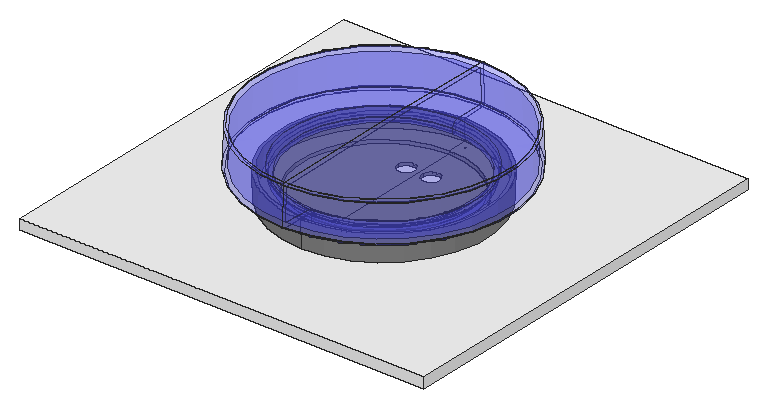
Revit family "BE_24025_de_DE", category Leuchten, Revit 2015
Parameters (values of type "BEGA_24025_Grafit_K3")
  built-in parameter 1150104 = 13.8 (stored number, unit not read)
  Wattage = 149.4 W
  Default Elevation = 0 mm
  built-in parameter 1150113 = 1 (stored number, unit not read)
  built-in parameter 1114218 = 1 (stored number, unit not read)
  Umgebungstemperatur = "25 °C"
  URL = "http://www.bega.de/produkt/24025"
  Typenkommentare = "© 2017 BEGA. Wir behalten uns das Recht vor, technische Änderungen ohne vorherige Ankündigung vorzunehmen."  # constant formula
  Type Image = 24025.png
  built-in parameter 1150134 = (empty or 0)
  built-in parameter 1150109 = 1 (stored number, unit not read)
  Strom = ""
  built-in parameter 1150110 = 1 (stored number, unit not read)
  Spannung = 239.996 V
  Sonderanfertigung = no
  Seriennummer [instance] = "Hier können Sie die eindeutige Seriennummer für das Facility Management eintragen."
  Schutzklasse = "I"
  Schutzart = "IP 65"
  Scheinlast = 0 VA
  Produktdatenblatt = "http://www.bega.de/download/Xrfa/db/24025.db.de.pdf"
  Oberflächentemperatur = ""
  Neigungswinkel = 0.00°
  Modell = "24025"
  Material_17 = BEGA_Reflektor
  Material_15 = BEGA_Leuchtmedium_matt
  Material_11 = BEGA_Glas_opal
  Material_09 = BEGA_Glas_klar
  Material_06 = BEGA_Oberfläche_Edelstahl_gebürstet
  Material_05 = BEGA_Oberfläche_Aluminium Guss
  Material_03 = BEGA_Oberfläche_Weiss_matt
  Material_02 = BEGA_Oberfläche_Silber_matt
  Material_01 [instance] = BEGA_Oberfläche_Grafit_matt
  M_W = no
  M_G = yes
  M_A = no
  Logo = 0
  built-in parameter 1114217 = 1 (stored number, unit not read)
  built-in parameter 1150139 = (empty or 0)
  built-in parameter 1150105 = 1766 (stored number, unit not read)
  built-in parameter 1150114 = 1 (stored number, unit not read)
  Lumens = 22192.2 lm
  built-in parameter 1150115 = 1 (stored number, unit not read)
  Leuchtenlichtstrom = "1026 lm"
  Leuchtenanzahl = ""
  Lebensdauerkriterien = "L70B50 @ 25 °C =  h"
  Lastklassifizierung = Beleuchtung
  built-in parameter 1150112 = 1 (stored number, unit not read)
  Lampenlichtstrom = "1180 lm"
  Lampe = "LED 7.9 W"
  LED_Modulbezeichnung = "LED-0855/830 "
  Hersteller = "BEGA"  # constant formula
  Halbstreuwinkel = ""
  Gewicht = ""
  Gebrauchslageneinschränkung [instance] = ""
  Frequenz = "0/50-60 Hz"
  Farbwiedergabeindex = "Ra > 80"
  Farbtemperaturverschiebung bei Dämpfen der Lampe = <Keine Auswahl>
  Farbtemperatur = "3000 K"
  Color Filter = 16777215
  built-in parameter 1150133 = 10 (stored number, unit not read)
  Energieeffizienzklasse = "LED A++ - A"
  built-in parameter 1150137 = (empty or 0)
  built-in parameter 1150132 = (empty or 0)
  ENEC = ""
  Dimmbar [instance] = ""
  Datei für fotometrisches Netz = "BE_24025_PRE.IES"
  CE_Konformität = "ja"
  Bestellnummer = "24025"
  Beschreibung_Sonderanfertigung = "Hier können Sie Informationen zur Sonderanfertigung eintragen."
  Beschreibung = "Decken- und Wandleuchte"
  built-in parameter 1150106 = 17.66 (stored number, unit not read)
  Befestigungsbohrung = "Ø 5,5 mm"
  Befestigungsabstand = "190 mm"
  Ballwurfsicher = ""
  BEGA_Intern_aus = yes
  BEGA_Intern_an = yes
  BEGA_Intern_Konstruktion = yes
  BEGA_Intern = yes
  BEGA_IES = yes
  BEGA_Dummy = no
  Anschlussleitung = ""
  Anschlussleistung [instance] = "10 W"
  Anschlusskasten = ""
  built-in parameter 1150107 = 3000 (stored number, unit not read)
  built-in parameter 1150102 = (empty or 0)
  built-in parameter 1150138 = (empty or 0)
  Aktualisierung = "2017-07-04T04:09:06"
  Abstand_zur_angestrahlten_Fläche [instance] = ""
  AC/DC = "AC/DC"
Types (2, lengths in mm): name | built-in parameter 1150104 | Wattage | built-in parameter 1150134 | Modell | built-in parameter 1150105 | Lumens | LED_Modulbezeichnung | Farbtemperatur | Datei für fotometrisches Netz | Bestellnummer | built-in parameter 1150106 | built-in parameter 1150107
  BEGA_24025_Grafit_K4 | 13.88 (stored number, unit not read) | 7.9 W | 12 | "24025K4" | 93.922 (stored number, unit not read) | 1180.26 lm | "LED-0855/840 " | "4000 K" | "BE_24025K4_PRE.IES" | "24025K4" | 0.93922 (stored number, unit not read) | 4000 (stored number, unit not read)
  BEGA_24025_Grafit_K3 | 13.8 (stored number, unit not read) | 149.4 W | (empty or 0) | "24025" | 1766 (stored number, unit not read) | 22192.2 lm | "LED-0855/830 " | "3000 K" | "BE_24025_PRE.IES" | "24025" | 17.66 (stored number, unit not read) | 3000 (stored number, unit not read)
Reference planes
  plane 1 "Mitte (Vorne/Hinten)": y = 0
  plane 2: z = 0
  plane 3 "Mitte (Links/Rechts)": x = 0
  plane 4 "Links": x = -124.939
  plane 5 "Rechts": x = 125
  plane 6 "Unten": y = -124.948
  plane 7 "Oben": y = 124.948
  plane 8 "Vorne": z = 68.93
  plane 9 "Hinten": z = 0
Forms (mm)
  Extrusion 1, solid, material "BEGA_Platte_Weiss"
    sketch origin (0, -1119.2, 0) x (1, 0, 0) y (0, 1, 0)
      loop
        line (-200, 1319.2) -> (-200, 919.2) -> (200, 919.2) -> (200, 1319.2) -> (-200, 1319.2)
    from 0 to -10
  Extrusion 2, solid, material "BEGA_Dummy_matt", visible <- "BEGA_Dummy"
    sketch origin (77.149, -76.023, 0) x (1, 0, 0) y (0, 1, 0)
      loop
        circle (-77.149, 76.023) r 125
    from 0 to 68.93
Dimensions and locks
  plane 1 "Mitte (Vorne/Hinten)" to Extrusion 1 = 200 mm
  aligned and locked: plane 2 to Extrusion 1
  aligned and locked: level to Extrusion 1
Nested families
  nested 1: "BE_24025" at (0, 0, 0), type "BE_24025"
Connectors
  electrical at (0, 0, 0), driven by "Lastklassifizierung", driven by "Spannung", driven by "Scheinlast"
    settings: index 1, voltage 239.996 V, apparent load 0 VA, apparent load phase1 0 VA, apparent load phase2 0 VA, apparent load phase3 0 VA, power factor 1, load classification "Beleuchtung", number of poles 1, system type 31, power factor state 1, is connector primary yes, connector utility no, sub classification motor no, connector description ""
Definition of nested family "BE_24025"
  Parameters (values of type "BE_24025")
    Default Elevation = 1 mm
    URL = "http://www.bega.de/de/produkt"
    Type Comments = "© 2015 BEGA. Wir behalten uns das Recht vor, technische Änderungen ohne vorherige Ankündigung vorzunehmen. "  # constant formula
    Type Image = (empty or 0)
    Neigungswinkel_um_Z2 = 0.00°
    Neigungswinkel_um_Z1 = 0.00°
    Neigungswinkel_um_Y2 = 0.00°
    Neigungswinkel_um_Y1 = 0.00°
    Neigungswinkel_um_X2 = 0.00°
    Neigungswinkel_um_X1 = 0.00°
    Material_17 = none
    Material_15 = none
    Material_11 = none
    Material_09 = none
    Material_06 = none
    Material_05 = none
    Material_03 = none
    Material_02 = none
    Material_01 = none
    M_W = yes
    M_G = yes
    M_A = yes
    Länge_Platte = 300 mm  # constant formula
    Höhe_Platte = -10 mm  # constant formula
    Manufacturer = "BEGA"  # constant formula
    Drehwinkel_um_Z2 = 0.00°
    Drehwinkel_um_Z1 = 0.00°
    Breite_Platte = 300 mm  # constant formula
  Reference planes
    plane 1 "Mitte (Oben/Unten)": y = 0
    plane 2: z = 0
    plane 3 "Mitte (Links/Rechts)": x = 0
    plane 4: y = -124.948
    plane 5: z = 68.93
    plane 6: y = 124.948
    plane 7: x = -124.939
    plane 8: x = 124.939
  Forms (mm)
    Extrusion 1, solid, detail levels medium
      sketch origin (0, 0, 0) x (1, 0, 0) y (0, 1, 0)
        loop
          line (-150, 150) -> (-150, -150) -> (150, -150) -> (150, 150) -> (-150, 150)
      from 0 to -10 <- "Höhe_Platte"
    Revolve 2, solid, material <- "Material_01", detail levels medium+fine
      sketch origin (0, 0, 0) x (0, 1, 0) y (0, 0, 1)
        loop
          line (-102, 26) -> (-101.555, 0.5) -> (-100.69, 0.5)
          arc (-100.69, 0.5) -> (-99.99, 0.786) -> (-99.691, 1.481) r 1
          line (-99.691, 1.481) -> (-99.691, 5.5) -> (-84.101, 5.5)
          arc (-84.101, 5.5) -> (-83.406, 5.219) -> (-83.101, 4.535) r 1
          line (-83.101, 4.535) -> (-82.995, 1.5) -> (0, 1.5) -> (0, 4) -> (-80.581, 4) -> (-80.691, 7.153) -> (-99.592, 7.153) -> (-99.263, 26) -> (-102, 26)
        axis (0, 26) -> (0, 0.5)
      angle from 0 to 360
    Revolve 3, solid, material <- "Material_01", detail levels medium+fine
      sketch origin (93.513, 0, 0) x (0, 1, 0) y (0, 0, 1)
        loop
          arc (-6.9, 0.5) -> (-6.534, 0.134) -> (-6.034, 0) r 1
          line (-6.034, 0) -> (-2.5, 0) -> (-2.5, 5.5) -> (-7.782, 5.5) -> (-6.9, 0.5)
        axis (0, 0) -> (0, 5.5)
      angle from 0 to 360
    Extrusion 4, void
      sketch origin (0, 0, 0) x (1, 0, 0) y (0, 1, 0)
        loop
          circle (-12.328, 43.225) r 8.5
        loop
          circle (12.328, 43.225) r 8.5
      from 0 to 10
    Revolve 5, solid, material <- "Material_11", detail levels medium+fine
      sketch origin (0, 0, 0) x (0, 1, 0) y (0, 0, 1)
        loop
          line (-124.004, 65.482) -> (-124.948, 29.43)
          arc (-124.948, 29.43) -> (-124.399, 28) -> (-122.999, 27.377) r 2
          line (-122.999, 27.377) -> (-91.449, 26.551)
          arc (-91.449, 26.551) -> (-90.038, 25.917) -> (-89.502, 24.465) r 2
          line (-89.502, 24.465) -> (-89.5, 19) -> (-85.501, 19) -> (-85.501, 24.555)
          arc (-85.501, 24.555) -> (-87.204, 28.743) -> (-91.348, 30.552) r 5.999
          line (-91.348, 30.552) -> (-120.897, 31.324) -> (-120.055, 63.477)
          arc (-120.055, 63.477) -> (-60.032, 64.566) -> (0, 64.93) r 4960.447
          line (0, 64.93) -> (0, 68.93)
          arc (0, 68.93) -> (-61.031, 68.554) -> (-122.053, 67.429) r 4964.448
          arc (-122.053, 67.429) -> (-123.417, 66.845) -> (-124.004, 65.482) r 2
        axis (0, 19) -> (0, 68.93)
      angle from 0 to 360
    Revolve 6, solid, material <- "Material_01", detail levels medium+fine
      sketch origin (-93.513, 0, 0) x (0, 1, 0) y (0, 0, -1)
        loop
          line (-6.9, -0.5) -> (-7.782, -5.5) -> (-2.5, -5.5) -> (-2.5, 0) -> (-6.034, 0)
          arc (-6.034, 0) -> (-6.534, -0.134) -> (-6.9, -0.5) r 1
        axis (0, 0) -> (0, -5.5)
      angle from 0 to 360
  Cuts and joins
    Extrusion 4 cuts Revolve 2
    Extrusion 4 cuts Revolve 3
    joined: Revolve 2, Revolve 3, Revolve 6
  Dimensions and locks
    equal spacing: Extrusion 1 sketch curve, plane 3 "Mitte (Links/Rechts)", Extrusion 1 sketch curve
    equal spacing: Extrusion 1 sketch curve, plane 1 "Mitte (Oben/Unten)", Extrusion 1 sketch curve
    "Länge_Platte": Extrusion 1 sketch curve to Extrusion 1 sketch curve
    "Breite_Platte": Extrusion 1 sketch curve to Extrusion 1 sketch curve
    aligned and locked: plane 2 to Extrusion 1
    aligned and locked: level to Extrusion 1
  Automatic sketch dimensions
    Revolve 2 sketch curve to plane 1 "Mitte (Oben/Unten)" = 0 mm  (x2)
    level to Revolve 2 sketch curve = 4 mm
    Revolve 2 sketch curve to plane 4 = 44.367 mm
    level to Revolve 2 sketch curve = 7.153 mm
    Revolve 2 sketch curve to Revolve 2 sketch curve = 0.11 mm
    level to Revolve 2 sketch curve = 1.5 mm
    Revolve 2 sketch curve to Revolve 2 sketch curve = 2.414 mm
    Revolve 2 sketch curve to Revolve 2 sketch curve = 1.106 mm
    Revolve 2 sketch curve to Revolve 2 sketch curve = 15.162 mm
    Revolve 2 sketch curve to Revolve 2 sketch curve = 15.491 mm
    Revolve 2 sketch curve to Revolve 2 sketch curve = 0.099 mm
    Revolve 2 sketch curve to Revolve 2 sketch curve = 1 mm
    level to Revolve 2 sketch curve = 0.5 mm
    Revolve 2 sketch curve to Revolve 2 sketch curve = 0.865 mm
    Revolve 2 sketch curve to Revolve 2 sketch curve = 2.737 mm
    Revolve 2 sketch curve to Revolve 2 sketch curve = 0.981 mm
    Revolve 2 sketch curve to Revolve 2 sketch curve = 3 mm
    Revolve 2 sketch curve to Revolve 2 sketch curve = 1.653 mm
    Revolve 2 sketch curve to Revolve 2 sketch curve = 18.847 mm
    level to Revolve 2 sketch curve = 4.535 mm
    Revolve 2 sketch curve to Revolve 2 sketch curve = 0.999 mm
    Revolve 2 sketch curve to Revolve 2 sketch curve = 0 mm  (x2)
    Revolve 2 sketch curve to level = 6.93 mm
    Revolve 3 sketch curve to level = 0 mm  (x2)
    Revolve 3 sketch curve to plane 1 "Mitte (Oben/Unten)" = 0 mm
    plane 1 "Mitte (Oben/Unten)" to Revolve 3 sketch curve = 2.5 mm
    level to Revolve 3 sketch curve = 1 mm
    Revolve 3 sketch curve to Revolve 3 sketch curve = 3.534 mm
    level to Revolve 3 sketch curve = 0.5 mm
    Revolve 3 sketch curve to Revolve 3 sketch curve = 1.748 mm
    Revolve 3 sketch curve to Revolve 3 sketch curve = 4.5 mm
    Revolve 3 sketch curve to Revolve 3 sketch curve = 3.016 mm
    Extrusion 4 sketch curve to plane 3 "Mitte (Links/Rechts)" = 12.328 mm
    plane 3 "Mitte (Links/Rechts)" to Extrusion 4 sketch curve = 12.328 mm
    Extrusion 4 sketch curve to plane 1 "Mitte (Oben/Unten)" = 43.225 mm
    Extrusion 4 sketch curve to Extrusion 4 sketch curve = 0 mm
    Revolve 5 sketch curve to plane 1 "Mitte (Oben/Unten)" = 0 mm  (x3)
    plane 5 to Revolve 5 sketch curve = 0 mm
    plane 1 "Mitte (Oben/Unten)" to Revolve 5 sketch curve = 0 mm
    Revolve 5 sketch curve to plane 4 = 39.447 mm
    Revolve 5 sketch curve to Revolve 5 sketch curve = 3.999 mm
    Revolve 5 sketch curve to Revolve 5 sketch curve = 4.001 mm
    Revolve 5 sketch curve to Revolve 5 sketch curve = 1.846 mm
    Revolve 5 sketch curve to Revolve 5 sketch curve = 1.947 mm
    Revolve 5 sketch curve to Revolve 5 sketch curve = 0.05 mm
    Revolve 5 sketch curve to Revolve 5 sketch curve = 0 mm  (x6)
    Revolve 5 sketch curve to plane 4 = 4.893 mm
    Revolve 5 sketch curve to plane 4 = 4.051 mm
    Revolve 5 sketch curve to Revolve 5 sketch curve = 1.95 mm
    Revolve 5 sketch curve to plane 4 = 1.999 mm
    Revolve 5 sketch curve to plane 4 = 1.949 mm
    Revolve 5 sketch curve to plane 4 = 0 mm
    plane 5 to Revolve 5 sketch curve = 3.5 mm
    Revolve 5 sketch curve to Revolve 5 sketch curve = 4 mm
    Revolve 5 sketch curve to Revolve 5 sketch curve = 1.953 mm
    level to Revolve 5 sketch curve = 31.324 mm
    Revolve 5 sketch curve to Revolve 5 sketch curve = 0.772 mm
    Revolve 5 sketch curve to Revolve 5 sketch curve = 1.893 mm
    Revolve 5 sketch curve to Revolve 5 sketch curve = 0.054 mm
    Revolve 5 sketch curve to Revolve 5 sketch curve = 1.996 mm
    Revolve 5 sketch curve to Revolve 5 sketch curve = 0.003 mm
    Revolve 5 sketch curve to Revolve 5 sketch curve = 5.555 mm
    Revolve 5 sketch curve to Revolve 5 sketch curve = 0.001 mm
    Revolve 5 sketch curve to Revolve 5 sketch curve = 0.049 mm
    Revolve 5 sketch curve to plane 4 = 0.944 mm
    Revolve 5 sketch curve to Revolve 5 sketch curve = 4.85 mm
    Revolve 6 sketch curve to level = 0 mm  (x2)
    Revolve 6 sketch curve to plane 1 "Mitte (Oben/Unten)" = 0 mm
    plane 1 "Mitte (Oben/Unten)" to Revolve 6 sketch curve = 2.5 mm
    level to Revolve 6 sketch curve = 1 mm
    Revolve 6 sketch curve to Revolve 6 sketch curve = 3.534 mm
    level to Revolve 6 sketch curve = 0.5 mm
    Revolve 6 sketch curve to Revolve 6 sketch curve = 1.748 mm
    Revolve 6 sketch curve to Revolve 6 sketch curve = 4.5 mm
    Revolve 6 sketch curve to Revolve 6 sketch curve = 3.016 mm
    radius of Extrusion 4 sketch curve = 8.5 mm  (x2)
